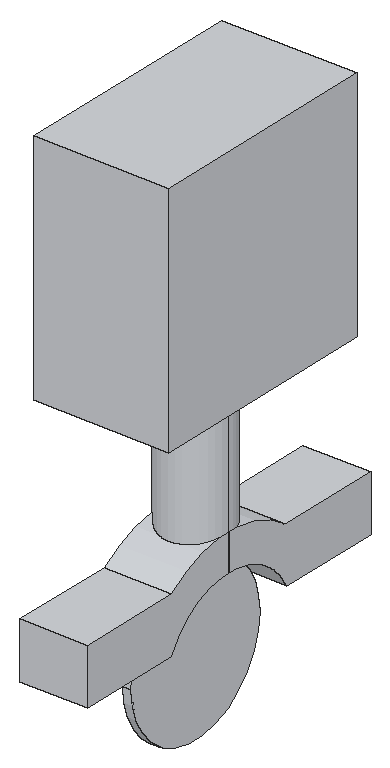
Revit family "6bc907fb56d0443eb1582665dfd9952e", category Pipe Accessories, Revit 2021
Family settings
  Round Connector Dimension = Use Radius
  Part Type = Valve - Breaks Into
  OmniClass Number = 23.85.30.21.11.17
  OmniClass Title = Other Components
  Seek Item ID = Water Flow Indicator-0000-USA-ENU
  Work Plane-Based = No
  Always vertical = Yes
  Cut with Voids When Loaded = No
  Shared = No
Parameters (values of type "2"")
  Radius 3 = 0' - 1 3/4"
  Radius 2 = 0' - 1 13/16"
  Radius 1 = 0' - 1 7/32"
  Outside Radius = 1 3/16"
  Outside Diameter = Outside Radius * 2  # 2 3/8"
  Nominal Radius = 1"
  Nominal Diameter = Nominal Radius * 2  # 2"
  Indicator Width = 0' - 5 1/4"
  Indicator Material = none
  Indicator Length = 0' - 1"
  Height 3 = 0' - 1 3/8"
  Height 2 = 0' - 2 17/32"
  Height 1 = 0' - 0 9/16"
  Half Indicator Width = Indicator Width / 2  # 0' - 2 5/8"
  Half Indicator Length = Indicator Length / 2  # 0' - 0 1/2"
  Diameter 1 = Radius 1 * 2  # 0' - 2 7/16"
  Default Elevation = 0' - 0"
  Assembly Code = ""
Types (5): name | Radius 3 | Radius 2 | Radius 1 | Outside Radius | Outside Diameter | Nominal Radius | Nominal Diameter | Indicator Width | Indicator Length | Height 3 | Height 2 | Height 1 | Half Indicator Width | Half Indicator Length | Diameter 1
  2 1/2" | 0' - 2 3/32" | 0' - 2 3/16" | 0' - 1 15/32" | 1 7/16" | 2 7/8" | 1 1/4" | 2 1/2" | 0' - 6 11/32" | 0' - 1 7/32" | 0' - 1 21/32" | 0' - 2 5/8" | 0' - 0 21/32" | 0' - 3 11/64" | 0' - 0 39/64" | 0' - 2 15/16"
  3" | 0' - 2 9/16" | 0' - 2 3/4" | 0' - 1 25/32" | 1 3/4" | 3 1/2" | 1 1/2" | 3" | 0' - 7 3/4" | 0' - 1 1/2" | 0' - 2" | 0' - 2 25/32" | 0' - 0 7/8" | 0' - 3 7/8" | 0' - 0 3/4" | 0' - 3 9/16"
  4" | 0' - 3 9/32" | 0' - 3 13/32" | 0' - 2 9/32" | 2 1/4" | 4 1/2" | 2" | 4" | 0' - 9 15/16" | 0' - 1 15/16" | 0' - 2 7/8" | 0' - 3" | 0' - 0 21/32" | 0' - 4 31/32" | 0' - 0 31/32" | 0' - 4 9/16"
  6" | 0' - 4 27/32" | 0' - 5 3/16" | 0' - 3 3/8" | 3 5/16" | 6 5/8" | 3" | 6" | 1' - 2 21/32" | 0' - 2 27/32" | 0' - 3 21/32" | 0' - 3 15/32" | 0' - 1 21/32" | 0' - 7 21/64" | 0' - 1 27/64" | 0' - 6 3/4"
  2" | 0' - 1 3/4" | 0' - 1 13/16" | 0' - 1 7/32" | 1 3/16" | 2 3/8" | 1" | 2" | 0' - 5 1/4" | 0' - 1" | 0' - 1 3/8" | 0' - 2 17/32" | 0' - 0 9/16" | 0' - 2 5/8" | 0' - 0 1/2" | 0' - 2 7/16"
Reference planes (in)
  plane 1 "Center (Front/Back)": y = 0
  plane 2: z = 0
  plane 3 "Center (Left/Right)": x = 0
  plane 4: z = 0.5625
  plane 5: y = -2.625
  plane 6: y = 2.625
  plane 7: z = 1.21875
  plane 8: x = -0.5
  plane 9: x = 0.5
  plane 10: z = 3.75
  plane 11: y = -1.75
  plane 12: y = 1.75
  plane 13: x = 1
  plane 14: x = -1
  plane 15: z = 7.25
  plane 16: z = -1.375
  plane 17: x = -0.125
  plane 18: z = 1
  plane 19: z = -1
  plane 20: z = 1.71875
  plane 21: y = -1.25
Forms (in)
  Extrusion 1, solid, material <- "Indicator Material", detail levels fine
    sketch origin (0, 0, 0) x (0, 1, 0) y (0, 0, 1)
      loop
        circle (0, 0) r 1.1875
    from -0.125 to 0
  Extrusion 2, solid, material <- "Indicator Material", detail levels fine
    sketch origin (0, 0, 0) x (0, 1, 0) y (0, 0, 1)
      loop
        arc (1.0582, 1.39381) -> (0, 1.75) -> (-1.0582, 1.39381) r 1.75
        line (-1.0582, 1.39381) -> (-2.625, 1.39381) -> (-2.625, 0.5674) -> (-1.07861, 0.5674)
        arc (-1.07861, 0.5674) -> (0, 1.21875) -> (1.07861, 0.5674) r 1.21875
        line (1.07861, 0.5674) -> (2.625, 0.5674) -> (2.625, 1.39381) -> (1.0582, 1.39381)
    from -0.5 to 0.5
  Extrusion 3, solid, material <- "Indicator Material", detail levels fine
    sketch origin (0, 0, 0) x (1, 0, 0) y (0, 1, 0)
      loop
        circle (0, 0) r 0.5
    from 1.21875 to 3.75
  Extrusion 4, solid, material <- "Indicator Material", detail levels fine
    sketch origin (0, 0, 0) x (0, 1, 0) y (0, 0, 1)
      loop
        line (1.75, 3.75) -> (1.75, 7.25) -> (-1.75, 7.25) -> (-1.75, 3.75) -> (1.75, 3.75)
    from -1 to 1
  Extrusion 5, solid, material <- "Indicator Material", detail levels fine
    sketch origin (0, 0, 0) x (1, 0, 0) y (0, 1, 0)
      loop
        circle (-0.5, -1.25) r 0.25
    from 3.75 to 4.44383
Cuts and joins
  joined: Extrusion 4, Extrusion 5
Lines and regions (in)
  Masking region 1
    outline origin (0, 0, 0) x (1, 0, 0) y (0, 0, 1)
      loop
        line (0, 1) -> (-0.5, 0) -> (0, -1) -> (0.5, 0) -> (0, 1)
  Masking region 2
    outline origin (0, 0, 0) x (1, 0, 0) y (0, 0, 1)
      loop
        line (0, -1) -> (0.5, 0) -> (0, 1) -> (-0.5, 0) -> (0, -1)
  reference lines
    curve 1: line (0, 0, 0) -> (0, -3.15953, 4.16159)
    curve 2: line (0, 0, 0) -> (0, 3.15953, 4.16159)
    curve 3: line (0, 0, 0) -> (0, -5.51842, 2.90295)
    curve 4: line (0, 0, 0) -> (0, 5.51842, 2.90295)
  model lines, detail levels coarse+medium
    curve 5: line (0, 0, 1) -> (-0.5, 0, 0)
    curve 6: line (-0.5, 0, 0) -> (0, 0, -1)
    curve 7: line (0, 0, -1) -> (0.5, 0, 0)
    curve 8: line (0, 0, 1) -> (0.5, 0, 0)
    curve 9: circle (0, 0, 3.75) r 0.5 normal (0, -1, 0)
    curve 10: line (0, 0, 3.25) -> (0, 0, 1)
Dimensions and locks (in)
  "Height 1": plane 4 to plane 2
  "Indicator Width": plane 6 to plane 5
  "Half Indicator Width": plane 1 "Center (Front/Back)" to plane 5
  "Indicator Length": plane 8 to plane 9
  locked: plane 14 to plane 13 at 2
  plane 11 to plane 12 = 0' - 3 1/2"
  "Radius 1": plane 7 to plane 2
  "Height 2": plane 10 to plane 7
  plane 12 to plane 11 = 0' - 3 1/2"
  equal spacing: plane 12, plane 1 "Center (Front/Back)", plane 11
  locked: plane 15 to plane 10 at 3.5
  "Half Indicator Length": plane 8 to plane 3 "Center (Left/Right)"
  "Height 3": plane 2 to plane 16
  "Indicator Length": plane 18 to plane 2
  "Indicator Length": plane 2 to plane 19
  locked: plane 21 to plane 11 at 0.5
  "Outside Radius": radius of Extrusion 1 sketch curve
  "Radius 3": radius of Extrusion 2 sketch curve
  "Radius 1": radius of Extrusion 2 sketch curve
  "Half Indicator Length": radius of curve 9
  aligned and locked: curve 2 to Extrusion 2 sketch curve
  aligned and locked: curve 1 to Extrusion 2 sketch curve
  aligned and locked: curve 4 to Extrusion 2 sketch curve
  aligned and locked: curve 3 to Extrusion 2 sketch curve
  aligned and locked: plane 2 to Extrusion 2 sketch curve  (x2)
  aligned and locked: plane 1 "Center (Front/Back)" to Extrusion 2 sketch curve  (x2)
  aligned and locked: Extrusion 2 to plane 8
  aligned and locked: plane 9 to Extrusion 2
  aligned and locked: Extrusion 3 to plane 7
  aligned and locked: plane 10 to Extrusion 3
  aligned and locked: Extrusion 4 to plane 10
  aligned and locked: plane 11 to Extrusion 4
  aligned and locked: Extrusion 4 to plane 12
  aligned and locked: plane 15 to Extrusion 4
  aligned and locked: Extrusion 4 to plane 14
  aligned and locked: plane 13 to Extrusion 4
  aligned and locked: plane 3 "Center (Left/Right)" to Extrusion 1
  aligned and locked: Extrusion 1 to plane 17
  aligned and locked: plane 3 "Center (Left/Right)" to curve 5
  aligned and locked: plane 2 to curve 5
  aligned and locked: plane 8 to curve 6
  aligned and locked: plane 19 to curve 6
  aligned and locked: plane 3 "Center (Left/Right)" to curve 6
  aligned and locked: plane 2 to curve 7
  aligned and locked: plane 9 to curve 8
  aligned and locked: Masking region 1 sketch curve to curve 5
  aligned and locked: Masking region 1 sketch curve to curve 8
  aligned and locked: Masking region 1 sketch curve to curve 7
  aligned and locked: Masking region 1 sketch curve to curve 6
  aligned and locked: plane 10 to curve 9
  aligned and locked: plane 3 "Center (Left/Right)" to curve 9
  aligned and locked: curve 10 to plane 3 "Center (Left/Right)"
  aligned and locked: plane 21 to Extrusion 5 sketch curve
  aligned and locked: plane 8 to Extrusion 5 sketch curve
  aligned and locked: Extrusion 5 to plane 10
Automatic sketch dimensions
  Extrusion 1 sketch curve to level = 0' - 0"
  Extrusion 1 sketch curve to plane 1 "Center (Front/Back)" = 0' - 0"
  curve 4 to level = 0' - 0"
  curve 4 to plane 1 "Center (Front/Back)" = 0' - 0"
  plane 1 "Center (Front/Back)" to curve 1 = 0' - 3.15953"
  plane 4 to curve 3 = 0' - 2.34045"
  curve 3 to curve 1 = 0' - 2.35889"
  curve 2 to plane 1 "Center (Front/Back)" = 0' - 3.15953"
  plane 4 to curve 4 = 0' - 2.34045"
  curve 2 to curve 4 = 0' - 2.35889"
  curve 4 to curve 2 = 0' - 1.25864"
  curve 3 to curve 1 = 0' - 1.25864"
  Extrusion 2 sketch curve to plane 5 = 0' - 0"
  Extrusion 2 sketch curve to plane 6 = 0' - 0"
  Extrusion 3 sketch curve to plane 1 "Center (Front/Back)" = 0' - 0"
  Extrusion 3 sketch curve to plane 3 "Center (Left/Right)" = 0' - 0"
  Extrusion 4 sketch curve to plane 10 = 0' - 0"
  Extrusion 4 sketch curve to plane 11 = 0' - 0"
  Extrusion 4 sketch curve to plane 12 = 0' - 0"
  Extrusion 4 sketch curve to plane 15 = 0' - 0"
  curve 10 to plane 18 = 0' - 0"
  Masking region 2 sketch curve to level = 0' - 0"  (x2)
  Masking region 2 sketch curve to plane 8 = 0' - 0"
  Masking region 2 sketch curve to plane 3 "Center (Left/Right)" = 0' - 0"  (x2)
  Masking region 2 sketch curve to plane 9 = 0' - 0"
  Masking region 2 sketch curve to plane 19 = 0' - 0"
  Masking region 2 sketch curve to plane 18 = 0' - 0"
  radius of Extrusion 3 sketch curve = 0' - 0 1/2"
  radius of Extrusion 5 sketch curve = 0' - 0 1/4"
Connectors (in)
  piping at (-0.125, 0, 0), diameter 2, driven by "Nominal Radius"
    settings: on Extrusion 1, index 1, connector inside diameter 2", connector length 0' - 0", flow factor 0, pipe flow 0 GPM, pressure drop 0.00 psi, fitting loss kfactor 0, connector angle 0.00°, fixture units 0, engagement length 0' - 0", angle of deflection 0.00°, flow configuration 0, flow direction 0, fitting loss method 0, system type 29, joint type 0, gender type 0, connector reference index 2, connector utility 0, adjustable connector no, is connector primary yes, connector description ""
  piping at (0, 0, 0), diameter 2, driven by "Nominal Radius"
    settings: on Extrusion 1, index 2, connector inside diameter 2", connector length 0' - 0", flow factor 0, pipe flow 0 GPM, pressure drop 0.00 psi, fitting loss kfactor 0, connector angle 0.00°, fixture units 0, engagement length 0' - 0", angle of deflection 0.00°, flow configuration 0, flow direction 0, fitting loss method 0, system type 29, joint type 0, gender type 0, connector reference index 1, connector utility 0, adjustable connector no, is connector primary no, connector description ""
  electrical at (-0.5, -1.25, 3.75)
    settings: on Extrusion 5, index 3, voltage 0 V, apparent load 0 VA, apparent load phase1 0 VA, apparent load phase2 0 VA, apparent load phase3 0 VA, power factor 1, load classification "Other", number of poles 1, system type 11, power factor state 1, is connector primary yes, connector utility no, sub classification motor no, connector description ""
